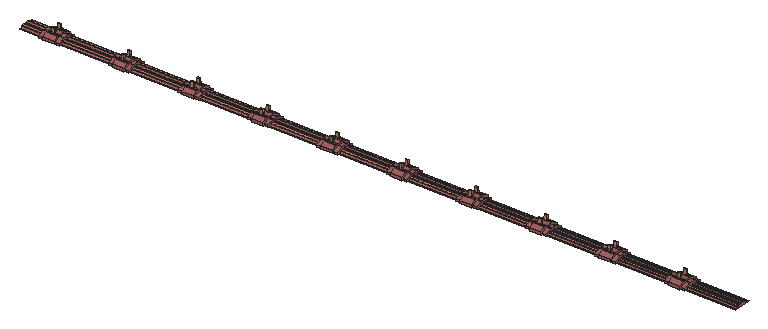
Revit family "BirdControl_Wire_BirdBGone_Jolt2002", category Specialty Equipment, Revit 2016
Family settings
  Part Type = Normal
  Round Connector Dimension = Use Diameter
  OmniClass Number = 23.40.10.14.14.99
  OmniClass Title = Other Manufactured Exterior Specialties
  Cut with Voids When Loaded = No
  Shared = No
  Room Calculation Point = No
Parameters (values of type "Wire System")
  Warranty Duration (Years) = 0
  URL = "http://www.birdbgone.com/"
  Test Data = "http://www.birdbgone.com/bird-control-product-msds"
  Supports_Array [instance] = if(Supports > 1, Supports, 2)  # 10
  Supports [instance] = if(not(Int < Length Div), Int, Int + 1)  # 10
  Spacing = 0' - 7"
  Int [instance] = Length Div  # 10
  Specification = "http://www.arcat.com/sdspecs/htm/10290bir.htm"
  SpecWizard = ""
  Send Message = "http://www.arcat.com/users.pl?action=UserEmail&company=Bird-B-Gone,%20Inc.&coid=38371&rep=147&fax=949-472-3116&mf="
  Sales Information = "http://www.birdbgone.com/bird-control-store/"
  Revision = "R1_10-2010"
  Product Properties = "http://www.arcat.com/bim/bim_info.pl?fn=BirdBGone"
  Product Data = "http://www.arcat.com/arcatcos/cos38/arc38371.html"
  Model = "As Specified in 10 81 19"
  Material = Plastic - Bird B Gone - Polycarbonate - Brick Red
  Manufacturer Website = "http://www.birdbgone.com/"
  Manufacturer Phone - Toll Free = "800-392-6915"
  Manufacturer Phone = "949-472-3122"
  Manufacturer Fax = "949-472-3116"
  Manufacturer Address = "23918 Skyline, Mission Viejo, CA 92692"
  Manufacturer = "Bird-B-Gone, Inc."
  Maintenance Schedule (Months) = 0
  Length Div [instance] = ([built-in parameter 1001306] - 0' 3") / Spacing  # 9.8571
  built-in parameter 1001306 [instance] = 6' - 0"
  Keynote = "10 81 19"
  Installation-Fabrication = "http://www.birdbgone.com/installation-instructions"
  Installation Phase = ""
  Green Building-LEED = "http://www.arcat.com/green/clients/leed_data_38371.html"
  Expected Lifespan (Years) = 0
  Drawn By = "Robert S. Weygant, CSI, CDT, SCIP"
  Description = "Bird Control Equipment as Specified in 10 81 19"
  Copyright = "2010 ARCAT, Inc."
  Construction Details = "http://www.arcat.com/details/birdbgon/birdbgon.html?coid=38371"
  Building Codes = "http://www.birdbgone.com/knowledge-center/"
  Assembly Code = "E1090900"
  Angle_Start [instance] = 0.00°
  Angle_End [instance] = 0.00°
Reference planes (in)
  plane 1 "Center (Front/Back)": y = 0
  plane 2: z = 0
  plane 3 "Left": x = 0
  plane 4 "Right": x = 72
  plane 5 "Wire": z = 1
Forms (in)
  Extrusion 1, void
    sketch origin (0, 0, 0) x (1, 0, 0) y (0, 1, 0)
      loop
        line (72, 1) -> (72, -0.875) -> (85, -0.875) -> (85, 1) -> (72, 1)
    from 0 to 1.38967
  Extrusion 2, void
    sketch origin (0, 0, 0) x (1, 0, 0) y (0, 1, 0)
      loop
        line (-13, 0.89512) -> (-13, -0.82796) -> (0, -0.82796) -> (0, 0.89512) -> (-13, 0.89512)
    from 0 to 1.60875
  Extrusion 3, solid, material "Plastic - Bird B Gone - Polycarbonate - Brick Red" <- "Material"
    sketch origin (0, 0, 0) x (0, 1, 0) y (0, 0, 1)
      loop
        line (-0.8125, 0) -> (0.8125, 0) -> (0.8125, 0.05302)
        arc (0.8125, 0.05302) -> (0.48535, 0.17766) -> (0.14046, 0.23777) r 1.831
        line (0.14046, 0.23777) -> (0.14046, 0.3071)
        arc (0.14046, 0.3071) -> (0, 0.3125) -> (-0.14046, 0.3071) r 1.831
        line (-0.14046, 0.3071) -> (-0.14046, 0.23777)
        arc (-0.14046, 0.23777) -> (-0.48535, 0.17766) -> (-0.8125, 0.05302) r 1.831
        line (-0.8125, 0.05302) -> (-0.8125, 0)
    from -2.40049 to 76.6163
  Extrusion 4, solid, material "Metal - Copper - Bird B Gone"
    sketch origin (0, 0, 0) x (0, 1, 0) y (0, 0, 1)
      loop
        arc (0.36195, 0.20703) -> (0.45768, 0.18504) -> (0.5521, 0.15794) r 1.831
        line (0.5521, 0.15794) -> (0.57274, 0.22062)
        arc (0.57274, 0.22062) -> (0.47505, 0.2498) -> (0.37589, 0.2735) r 1.831
        line (0.37589, 0.2735) -> (0.36195, 0.20703)
      loop
        line (-0.57274, 0.22062) -> (-0.5521, 0.15794)
        arc (-0.5521, 0.15794) -> (-0.45768, 0.18504) -> (-0.36195, 0.20703) r 1.831
        line (-0.36195, 0.20703) -> (-0.37589, 0.2735)
        arc (-0.37589, 0.2735) -> (-0.47505, 0.2498) -> (-0.57274, 0.22062) r 1.831
    from -2.40049 to 76.6163
Cuts and joins
  Extrusion 1, Extrusion 2 cuts Extrusion 3
  Extrusion 1, Extrusion 2 cuts Extrusion 4
Lines and regions (in)
  reference lines
    curve 1: line (0, 0, 0) -> (72, 0, 0)
    curve 2: line (0, 0, 1) -> (0, 1.91806, 1)
    curve 3: line (72, 0, 1) -> (72, 18.5, 1)
Dimensions and locks (in)
  "built-in parameter 1001306": plane 3 "Left" to plane 4 "Right"
  equal spacing: group 1, group 2, group 3, group 4, group 5, group 6, group 7, group 8, group 9, group 10  (x3)
  locked: plane 5 "Wire" to level at 1
  locked: plane 3 "Left" to nested 1 at 3
  locked: plane 4 "Right" to Extrusion 1 sketch curve at 13
  locked: Extrusion 2 sketch curve to plane 3 "Left" at 13
  Extrusion 2 sketch curve to plane 1 "Center (Front/Back)" to Extrusion 2 sketch curve = 0' - 0.82796" locked, 0' - 0.89512" locked
  Extrusion 1 sketch curve to plane 1 "Center (Front/Back)" to Extrusion 1 sketch curve = 0' - 0 7/8" locked, 0' - 1" locked
  locked: plane 4 "Right" to Extrusion 3 at 4.6163
  locked: plane 4 "Right" to Extrusion 4 at 4.6163
  "Spacing": nested 1 to nested 2
  "Angle_End": angle plane 4 "Right" to curve 3
  "Angle_Start": angle plane 3 "Left" to curve 2
  aligned and locked: plane 4 "Right" to curve 1
  aligned and locked: plane 3 "Left" to curve 1
  aligned and locked: Extrusion 1 sketch curve to curve 3
  aligned and locked: Extrusion 2 sketch curve to curve 2
Automatic sketch dimensions
  curve 1 to plane 1 "Center (Front/Back)" = 0' - 0"
  curve 3 to plane 1 "Center (Front/Back)" = 0' - 0"
  curve 3 to plane 4 "Right" = 0' - 0"
  curve 2 to plane 1 "Center (Front/Back)" = 0' - 0"
  curve 2 to plane 3 "Left" = 0' - 0"
  Extrusion 3 sketch curve to Extrusion 3 sketch curve = 0' - 0"  (x2)
  Extrusion 3 sketch curve to level = 0' - 0"
  Extrusion 3 sketch curve to plane 1 "Center (Front/Back)" = 0' - 0"  (x2)
  plane 1 "Center (Front/Back)" to Extrusion 3 sketch curve = 0' - 0.14046"
  Extrusion 3 sketch curve to Extrusion 3 sketch curve = 0' - 0.67204"  (x2)
  Extrusion 3 sketch curve to plane 1 "Center (Front/Back)" = 0' - 0.14046"
  level to Extrusion 3 sketch curve = 0' - 0.05302"
  Extrusion 3 sketch curve to level = 0' - 1.5185"
  Extrusion 3 sketch curve to Extrusion 3 sketch curve = 0' - 0.06934"  (x2)
  Extrusion 3 sketch curve to Extrusion 3 sketch curve = 0' - 0.05302"
  Extrusion 4 sketch curve to Extrusion 4 sketch curve = 0' - 0"  (x4)
  Extrusion 4 sketch curve to plane 1 "Center (Front/Back)" = 0' - 0"  (x2)
  plane 1 "Center (Front/Back)" to Extrusion 4 sketch curve = 0' - 0.36195"
  Extrusion 4 sketch curve to Extrusion 4 sketch curve = 0' - 0.01394"  (x2)
  Extrusion 4 sketch curve to Extrusion 4 sketch curve = 0' - 0.19015"  (x2)
  Extrusion 4 sketch curve to Extrusion 4 sketch curve = 0' - 0.02064"  (x2)
  level to Extrusion 4 sketch curve = 0' - 0 53/256"
  Extrusion 4 sketch curve to plane 1 "Center (Front/Back)" = 0' - 0.36195"
  level to Extrusion 4 sketch curve = 0' - 0.2735"
  level to Extrusion 4 sketch curve = 0' - 0.15794"  (x2)
  level to Extrusion 4 sketch curve = 0' - 0.22062"
  Extrusion 4 sketch curve to Extrusion 4 sketch curve = 0' - 0.06268"
Nested families (in)
  nested 1: "Support_Jolt" at (3, 0, 0) x (0, 1, 0) z (0, 0, 1), Material <- "Material", type "BirdBGone template - Standalone"
    with offset 0' - 0", Unit Height 0' - 0 3/4", Material Plastic - Bird B Gone - Polycarbonate - Brick Red
  nested 2: "Support_Jolt" at (10, 0, 0) x (0, 1, 0) z (0, 0, 1), Material <- "Material", type "BirdBGone template - Standalone"
    with offset 0' - 0", Unit Height 0' - 0 3/4", Material Plastic - Bird B Gone - Polycarbonate - Brick Red
  nested 3: "Support_Jolt" at (17, 0, 0) x (0, 1, 0) z (0, 0, 1), Material <- "Material", type "BirdBGone template - Standalone"
    with offset 0' - 0", Unit Height 0' - 0 3/4", Material Plastic - Bird B Gone - Polycarbonate - Brick Red
  nested 4: "Support_Jolt" at (24, 0, 0) x (0, 1, 0) z (0, 0, 1), Material <- "Material", type "BirdBGone template - Standalone"
    with offset 0' - 0", Unit Height 0' - 0 3/4", Material Plastic - Bird B Gone - Polycarbonate - Brick Red
  nested 5: "Support_Jolt" at (31, 0, 0) x (0, 1, 0) z (0, 0, 1), Material <- "Material", type "BirdBGone template - Standalone"
    with offset 0' - 0", Unit Height 0' - 0 3/4", Material Plastic - Bird B Gone - Polycarbonate - Brick Red
  nested 6: "Support_Jolt" at (38, 0, 0) x (0, 1, 0) z (0, 0, 1), Material <- "Material", type "BirdBGone template - Standalone"
    with offset 0' - 0", Unit Height 0' - 0 3/4", Material Plastic - Bird B Gone - Polycarbonate - Brick Red
  nested 7: "Support_Jolt" at (45, 0, 0) x (0, 1, 0) z (0, 0, 1), Material <- "Material", type "BirdBGone template - Standalone"
    with offset 0' - 0", Unit Height 0' - 0 3/4", Material Plastic - Bird B Gone - Polycarbonate - Brick Red
  nested 8: "Support_Jolt" at (52, 0, 0) x (0, 1, 0) z (0, 0, 1), Material <- "Material", type "BirdBGone template - Standalone"
    with offset 0' - 0", Unit Height 0' - 0 3/4", Material Plastic - Bird B Gone - Polycarbonate - Brick Red
  nested 9: "Support_Jolt" at (59, 0, 0) x (0, 1, 0) z (0, 0, 1), Material <- "Material", type "BirdBGone template - Standalone"
    with offset 0' - 0", Unit Height 0' - 0 3/4", Material Plastic - Bird B Gone - Polycarbonate - Brick Red
  nested 10: "Support_Jolt" at (66, 0, 0) x (0, 1, 0) z (0, 0, 1), Material <- "Material", type "BirdBGone template - Standalone"
    with offset 0' - 0", Unit Height 0' - 0 3/4", Material Plastic - Bird B Gone - Polycarbonate - Brick Red
Definition of nested family "Support_Jolt"
  Parameters
    offset [instance] = 0' - 0"
    Warranty Duration (Years) = 0
    Unit Width = 0' - 7"
    Unit Height [instance] = 0' - 0 3/4"
    Unit Depth = 0' - 0 1/4"
    URL = "http://www.birdbgone.com/"
    Test Data = "http://www.birdbgone.com/bird-control-product-msds"
    Specification = "http://www.arcat.com/sdspecs/htm/10290bir.htm"
    SpecWizard = ""
    Send Message = "http://www.arcat.com/users.pl?action=UserEmail&company=Bird-B-Gone,%20Inc.&coid=38371&rep=147&fax=949-472-3116&mf="
    Sales Information = "http://www.birdbgone.com/bird-control-store/"
    Revision = "R1_10-2010"
    Product Properties = "http://www.arcat.com/bim/bim_info.pl?fn=BirdBGone"
    Product Data = "http://www.arcat.com/arcatcos/cos38/arc38371.html"
    Model = "As Specified in 10 81 19"
    Material [instance] = none
    Manufacturer Website = "http://www.birdbgone.com/"
    Manufacturer Phone - Toll Free = "800-392-6915"
    Manufacturer Phone = "949-472-3122"
    Manufacturer Fax = "949-472-3116"
    Manufacturer Address = "23918 Skyline, Mission Viejo, CA 92692"
    Manufacturer = "Bird-B-Gone, Inc."
    Maintenance Schedule (Months) = 0
    Keynote = "10 81 19"
    Installation-Fabrication = "http://www.birdbgone.com/installation-instructions"
    Installation Phase = ""
    Green Building-LEED = "http://www.arcat.com/green/clients/leed_data_38371.html"
    Expected Lifespan (Years) = 0
    Drawn By = "Robert S. Weygant, CSI, CDT, SCIP"
    Description = "Bird Control Equipment as Specified in 10 81 19"
    Copyright = "wt"
    Construction Details = "http://www.arcat.com/details/birdbgon/birdbgon.html?coid=38371"
    Building Codes = "http://www.birdbgone.com/knowledge-center/"
    Assembly Code = "E1090900"
  Reference planes (in)
    plane 1 "Center (Front/Back)": y = 0
    plane 2 "Bottom": z = 0
    plane 3 "Center (Left/Right)": x = 0
  Forms (in)
    Extrusion 1, solid, material <- "Material"
      sketch origin (0, 0, 0) x (1, 0, 0) y (0, 0, 1)
        loop
          line (-0.90625, 0) -> (-0.8125, 0) -> (-0.8125, 0.05302)
          arc (-0.8125, 0.05302) -> (-0.68431, 0.11048) -> (-0.5521, 0.15794) r 1.831
          line (-0.5521, 0.15794) -> (-0.57274, 0.22062)
          arc (-0.57274, 0.22062) -> (-0.47505, 0.2498) -> (-0.37589, 0.2735) r 1.831
          line (-0.37589, 0.2735) -> (-0.36195, 0.20703)
          arc (-0.36195, 0.20703) -> (-0.25167, 0.22578) -> (-0.14046, 0.23777) r 1.831
          line (-0.14046, 0.23777) -> (-0.14046, 0.3071)
          arc (-0.14046, 0.3071) -> (0, 0.3125) -> (0.14046, 0.3071) r 1.831
          line (0.14046, 0.3071) -> (0.14046, 0.23777)
          arc (0.14046, 0.23777) -> (0.25167, 0.22578) -> (0.36195, 0.20703) r 1.831
          line (0.36195, 0.20703) -> (0.37589, 0.2735)
          arc (0.37589, 0.2735) -> (0.47505, 0.2498) -> (0.57274, 0.22062) r 1.831
          line (0.57274, 0.22062) -> (0.5521, 0.15794)
          arc (0.5521, 0.15794) -> (0.68431, 0.11048) -> (0.8125, 0.05302) r 1.831
          line (0.8125, 0.05302) -> (0.8125, 0) -> (0.90625, 0) -> (0.90625, 0.16592) -> (0.25447, 0.39035) -> (0.25447, 0.4375) -> (-0.25447, 0.4375) -> (-0.25447, 0.39035) -> (-0.90625, 0.16592) -> (-0.90625, 0)
      from -1.03125 to 1.03125
    Extrusion 2, solid, material <- "Material"
      sketch origin (0, 0, 0) x (1, 0, 0) y (0, 0, 1)
        loop
          line (0.90625, 0) -> (1, 0) -> (1, 0.23279) -> (0.51456, 0.47067) -> (0.30916, 0.47067) -> (0.30916, 0.53125) -> (-0.30916, 0.53125) -> (-0.30916, 0.47067) -> (-0.51456, 0.47067) -> (-1, 0.23279) -> (-1, 0) -> (-0.90625, 0) -> (-0.90625, 0.16592) -> (-0.25447, 0.39035) -> (-0.25447, 0.4375) -> (0.25447, 0.4375) -> (0.25447, 0.39035) -> (0.90625, 0.16592) -> (0.90625, 0)
      from -0.57813 to 0.57813
    Extrusion 3, solid
      sketch origin (0, 0, 0) x (0, 1, 0) y (0, 0, -1)
        loop
          line (0.1367, -1.0625) -> (0.1367, -0.73073) -> (0.17354, -0.73073) -> (0.17354, -0.69198) -> (0.03867, -0.53125) -> (0.24738, -0.53125) -> (0.24738, -0.47067) -> (-0.24738, -0.47067) -> (-0.24738, -0.53125) -> (-0.03867, -0.53125) -> (-0.17354, -0.69198) -> (-0.17354, -0.73073) -> (-0.1367, -0.73073) -> (-0.1367, -1.0625) -> (0.1367, -1.0625)
      from 0.40625 to 0.34375
    Extrusion 4, solid
      sketch origin (0, 0, 0) x (0, 1, 0) y (0, 0, 1)
        loop
          line (0.1367, 1.0625) -> (-0.1367, 1.0625) -> (-0.1367, 0.73073) -> (-0.17354, 0.73073) -> (-0.17354, 0.69198) -> (-0.03867, 0.53125) -> (-0.24738, 0.53125) -> (-0.24738, 0.47067) -> (0.24738, 0.47067) -> (0.24738, 0.53125) -> (0.03867, 0.53125) -> (0.17354, 0.69198) -> (0.17354, 0.73073) -> (0.1367, 0.73073) -> (0.1367, 1.0625)
      from 0.40625 to 0.34375
